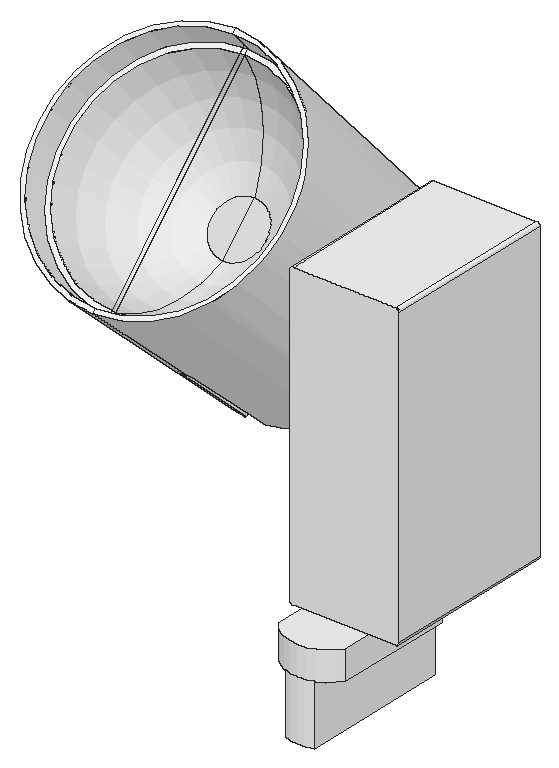
Revit family "0004822 Feilo Sylvania Lighting Fixture START TRACK SPOT L 55W 3K RA80 WB WHITE", category Lighting Fixtures, host Face, Revit 2017
Family settings
  Host = Face
  Round Connector Dimension = Use Diameter
  Part Type = Normal
  OmniClass Number = 23.80.70.00
  OmniClass Title = Lighting
  Cut with Voids When Loaded = No
  Light Source = No
  Shared = No
  Room Calculation Point = No
Parameters (values of type "0004822 START TRACK SPOT L 55W 3K RA80 WB WHITE")
  Weight = "1.398 kg"
  Wattage Comments = ""
  WarrantyStartDate [instance] = "n/a"
  WarrantyGuarantorParts = "n/a"
  WarrantyDurationUnit = "n/a"
  WarrantyDurationParts = "n/a"
  WarrantyDescription = "n/a"
  Voltage = 230 V
  URL = "http://www.sylvania-lighting.com"
  TypeName = "START TRACK SPOT L 55W 3K RA80 WB WHITE"
  TypeHead_FEILO = Start Track Spot Head : 0004822 START TRACK SPOT L 55W 3K RA80 WB WHITE
  TypeBox_FEILO = Start Track Spot Box : Type Large White
  Type Image = <None>
  Type Comments = "n/a"
  VerticalRotation_FEILO [instance] = 0.00°
  SlideEndAngle_FEILO [instance] = VerticalRotation_FEILO + 180.00°  # 180.00°
  SerialNumber [instance] = "n/a"
  Material_3_FEILO = none
  PowerFactor = 0.96
  PowerConsumption = "55 W"
  NominalLength = 0 mm
  NominalHeight = 240 mm
  NominalDepth = 164 mm
  Name = "START TRACK SPOT L 55W 3K RA80 WB WHITE"
  ModelReference = Name  # "START TRACK SPOT L 55W 3K RA80 WB WHITE"
  ModelNumber = "0004822"
  Model = Name  # "START TRACK SPOT L 55W 3K RA80 WB WHITE"
  Material = "adc12 aluminium housing, polycarbonate diffuser"
  ManufacturerName = "Feilo Sylvania"
  Manufacturer = "Feilo Sylvania"
  LuminousEfficacy = "96 lm/W"
  LuminaireType = ""
  LightOutputRatio = "100"
  LampsType = Lamp  # "LED"
  LampNominalLuminous = "5298 lm"
  LampMacAdamStep = "3"
  LampColourTemperature = "3000 K"
  LampColourRenderingIndex = "80"
  Lamp = "LED"
  Keynote = "16500"
  InstallationDate [instance] = "n/a"
  InputVoltage = "230-240V~"
  InputNominalFrequency = "50/60 Hz"
  IngressProtection = "IP20"
  ImpactProtectionIndex = "IK02"
  IfcExportType = "IfcLightFixtureType"
  IfcExportAs = "IfcLightFixtureType"
  HorizontalRotation_FEILO [instance] = 45.00°
  ExpectedLife = 50000
  ElectricShockClassification = "Class II"
  DurationUnit = "hours"
  DocumentationLiterature = "http://www.sylvania-lighting.com/product/en-int/products/0004822"
  DimmingControlOptions = "Non dimmable"
  Material_2_FEILO = none
  Description = "Integrated LED spotlight, Textured White - RAL9016, compact and minimalist design, ideal for retail applications, die-cast aluminium body, passive cooling heatsink. Beam angle: 52°, color temperature: 3000K , total system power: 55W, total fixture output: 5298 lm, LOR: 100%, colour rendering: Ra: 80 typical, LED Chromaticity: 3 step MacAdam ellipse, lifetime: >50000 hours at L70B50, energy class: A++, A+, A, IR/UV free light source without heat radiation, operating voltage: 220-240V / 50-60Hz, drive current: 1400mA, electronic driver, non-dimmable, power factor: 0.96, electrical protection: Class II, Global Track 3 Phase adapter suitable for Global trac 3-circuit tracks, ingress protection rating: IP20, suitable for internal environment only, horizontal rotation: 355°, vertical tilt: 90°, dimensions: Ø113x164x240, weight: 1.398kg."
  Default Elevation = 1219.2 mm
  CreatedOn = "12/12/2017"
  CreatedBy = ""
  Cost = 0
  built-in parameter 1114216 [instance] = (empty or 0)
  ClassificationValue = "EF_70_80"
  ClassificationName = "Uniclass2015"
  Material_1_FEILO = Body-Sylvania-StartTrackSpot-White
  BarCode [instance] = "n/a"
  AssetType = "Fixed"
  AssetIdentifier [instance] = "n/a"
  Assembly Code = "D5020200"
  Apparent Load = 55 VA
  Material_4_FEILO = none
Reference planes
  plane 1 "Center (Front/Back)": y = 0
  plane 2: z = 0
  plane 3 "Center (Left/Right)": x = 0
  plane 4: x = 15
  plane 5: x = -15
  plane 6: y = 35
  plane 7: y = -35
  plane 8: z = 13
  plane 9: z = -27
  plane 10: x = 6.5
  plane 11: x = -6.5
  plane 12: y = 27
  plane 13: y = -27
  plane 14: y = 20
Forms (mm)
  Extrusion 1, solid, material "Body-Sylvania-StartTrackSpot-White" <- "Material_1_FEILO"
    sketch origin (0, 0, 0) x (1, 0, 0) y (0, 1, 0)
      loop
        line (-15, 27) -> (-15, -27)
        arc (-15, -27) -> (0, -35) -> (15, -27) r 18.062
        line (15, -27) -> (15, 27)
        arc (15, 27) -> (0, 35) -> (-15, 27) r 18.062
    from 0 to 13
  Extrusion 2, solid, material "Body-Sylvania-StartTrackSpot-White" <- "Material_1_FEILO"
    sketch origin (0, 0, 0) x (1, 0, 0) y (0, 1, 0)
      loop
        arc (6.5, 33.79) -> (0, 35) -> (-6.5, 33.79) r 18.062
        line (-6.5, 33.79) -> (-6.5, -33.79)
        arc (-6.5, -33.79) -> (0, -35) -> (6.5, -33.79) r 18.062
        line (6.5, -33.79) -> (6.5, 33.79)
    from 0 to -27
  Revolve 3, solid, not visible
    sketch origin (1524, 20, 1219.2) x (1, 0, 0) y (0, 0, 1)
      loop
        line (-1524, -1206.2) -> (-1524, -1191.285) -> (-1530.5, -1191.285) -> (-1530.5, -1206.2) -> (-1524, -1206.2)
      axis (-1524, -1191.285) -> (-1524, -1206.2)
    angle from 0 <- "VerticalRotation_FEILO" to 180 <- "SlideEndAngle_FEILO"
Cuts and joins
  joined: Extrusion 1, Extrusion 2
Dimensions and locks
  equal spacing: plane 10, plane 3 "Center (Left/Right)", plane 11
  equal spacing: plane 4, plane 3 "Center (Left/Right)", plane 5
  locked: plane 8 to plane 2 at 13
  locked: plane 8 to plane 9 at 40
  equal spacing: plane 13, plane 1 "Center (Front/Back)", plane 12
  locked: plane 12 to plane 6 at 8
  locked: plane 14 to plane 6 at 15
  locked: Revolve 3 sketch curve to plane 8 at 14.915
  aligned and locked: plane 2 to host face
  aligned and locked: level to host face
  aligned and locked: plane 5 to Extrusion 1 sketch curve  (x2)
  aligned and locked: plane 12 to Extrusion 1 sketch curve
  aligned and locked: plane 13 to Extrusion 1 sketch curve
  aligned and locked: plane 4 to Extrusion 1 sketch curve
  aligned and locked: Extrusion 1 to plane 8
  aligned and locked: Extrusion 1 to level
  aligned and locked: Extrusion 2 sketch curve to Extrusion 1  (x2)
  aligned and locked: Extrusion 2 sketch curve to plane 11
  aligned and locked: plane 10 to Extrusion 2 sketch curve
  aligned and locked: plane 9 to Extrusion 2
  aligned and locked: level to Extrusion 2
  aligned and locked: Revolve 3 sketch curve to plane 3 "Center (Left/Right)"  (x2)
  aligned and locked: plane 11 to Revolve 3 sketch curve
  aligned and locked: Revolve 3 sketch curve to plane 8
Automatic sketch dimensions
  host sketch curve to host sketch curve = 2438.4 mm  (x2)
  Extrusion 1 sketch curve to plane 3 "Center (Left/Right)" = 0 mm  (x2)
  Extrusion 1 sketch curve to plane 13 = 10.062 mm
  plane 12 to Extrusion 1 sketch curve = 10.062 mm
  Revolve 3 sketch curve to plane 3 "Center (Left/Right)" = 0 mm
  plane 9 to Revolve 3 sketch curve = 582.6 mm
  Revolve 3 sketch curve to Revolve 3 sketch curve = 2581.144 mm
Nested families
  nested 1: "Start Track Spot Head" at (-75.5, 20, 133) x (0, 0.7071, 0.7071) z (0, 0.7071, -0.7071), type <- "TypeHead_FEILO", type "0004822 START TRACK SPOT L 55W 3K RA80 WB WHITE"
    with built-in parameter 1114216 (empty or 0)
  nested 2: "Start Track Spot Box" at (8.5, 20, 85) x (-1, 0, 0) z (0, -1, 0), BoxStartAngle_FEILO <- "HorizontalRotation_FEILO", type <- "TypeBox_FEILO", type "Type Large White"
    with BoxStartAngle_FEILO 45.00°, BoxEndAngle_FEILO -135.00°
Connectors
  electrical at (0, 0, 0), driven by "Apparent Load", driven by "PowerFactor", driven by "Voltage"
    settings: index 1, voltage 230 V, apparent load 55 VA, apparent load phase1 0 VA, apparent load phase2 0 VA, apparent load phase3 0 VA, power factor 0.96, load classification "Lighting", number of poles 1, system type 30, power factor state 1, is connector primary yes, connector utility no, sub classification motor no, connector description ""
Definition of nested family "Start Track Spot Head"
  Parameters (values of type "0004811 START TRACK SPOT S 14W 3K RA80 NB WHITE")
    Wattage Comments = "n/a"
    Wattage = 14 W
    built-in parameter 1150110 = 1 (stored number, unit not read)
    URL = "http://www.feilosylvania.com"
    Type Image = (empty or 0)
    Type Comments = "n/a"
    built-in parameter 1114217 = 1 (stored number, unit not read)
    Tilt Angle = -90.00°
    built-in parameter 1150109 = 1 (stored number, unit not read)
    built-in parameter 1150134 = (empty or 0)
    built-in parameter 1150113 = 1 (stored number, unit not read)
    Photometric Web File = "0004811.ies"
    Material_3_FEILO = none
    Model = "START TRACK SPOT S 14W 3K RA80 NB WHITE"
    Manufacturer = "Feilo Sylvania"
    built-in parameter 1150105 = 123.66 (stored number, unit not read)
    Lumens = 1554 lm
    built-in parameter 1150115 = 1 (stored number, unit not read)
    built-in parameter 1150137 = (empty or 0)
    built-in parameter 1150139 = (empty or 0)
    built-in parameter 1150112 = 1 (stored number, unit not read)
    built-in parameter 1150114 = 1 (stored number, unit not read)
    Lamp = "LED"
    Keynote = "16500"
    Material_2_FEILO = none
    built-in parameter 1150132 = (empty or 0)
    built-in parameter 1150102 = (empty or 0)
    built-in parameter 1150107 = 3000 (stored number, unit not read)
    built-in parameter 1150138 = (empty or 0)
    built-in parameter 1150106 = 1.2366 (stored number, unit not read)
    HeadThickness_FEILO = if(HeadDiaOut_FEILO > 112 mm, 2 mm, 1.5 mm)  # 1.5 mm
    HeadRibOffset_FEILO = HeadHeight_FEILO / 28  # 4.179 mm
    HeadRibDepth_FEILO = HeadHeight_FEILO / 2.1  # 55.714 mm
    HeadRibCutWidth_FEILO = HeadDiaOut_FEILO / 12  # 7.167 mm
    HeadRibCutOffset_FEILO = HeadHeight_FEILO / 2.3  # 50.87 mm
    HeadReflectorRadius_FEILO = HeadDiaOut_FEILO / 1.7  # 50.588 mm
    HeadReflectorOffset_FEILO = HeadHeight_FEILO / 2.1  # 55.714 mm
    HeadLEDRadius_FEILO = HeadDiaOut_FEILO / 9  # 9.556 mm
    HeadHeight_FEILO = 117 mm
    HeadDraft_FEILO = 1 mm
    HeadDiffusorThickness_FEILO = 3 mm
    HeadDiffusorOffset_FEILO = HeadHeight_FEILO / 12.4  # 9.435 mm
    HeadDiaOut_FEILO = 86 mm
    HeadDiaIn_FEILO = HeadDiaOut_FEILO / 1.11  # 77.477 mm
    HeadAxisFromTop_FEILO = HeadHeight_FEILO / 1.687  # 69.354 mm
    Emit from Circle Diameter = HeadDiaIn_FEILO  # 77.477 mm
    Emit Shape Visible in Rendering = no
    built-in parameter 1150104 = 10.312 (stored number, unit not read)
    Dimming Lamp Color Temperature Shift = (empty or 0)
    Description = "Integrated LED spotlight, Textured White - RAL9016, compact and minimalist design, ideal for retail applications, die-cast aluminium body, passive cooling heatsink. Beam angle: 12°, color temperature: 3000K , total system power: 14W, total fixture output: 1551 lm, LOR: 100%, colour rendering: Ra: 80 typical, LED Chromaticity: 3 step MacAdam ellipse, lifetime: >50000 hours at L70B50, energy class: A++, A+, A, IR/UV free light source without heat radiation, operating voltage: 220-240V / 50-60Hz, drive current: 350mA, electronic driver, non-dimmable, power factor: 0.92, electrical protection: Class II, Global Track 3 Phase adapter suitable for Global trac 3-circuit tracks, ingress protection rating: IP20, suitable for internal environment only, horizontal rotation: 355°, vertical tilt: 90°, dimensions: Ø86x140x200, weight: 0.940kg."
    Default Elevation = 1219.2 mm
    Cost = 0
    Color Filter = 16777215
    built-in parameter 1114216 [instance] = (empty or 0)
    Material_1_FEILO = none
    built-in parameter 1114218 = 1 (stored number, unit not read)
    built-in parameter 1150133 = 10 (stored number, unit not read)
    Assembly Code = "D5020200"
    Apparent Load = 14 VA
    Material_4_FEILO = none
  Types (96, lengths in mm): name | Wattage | built-in parameter 1150134 | Photometric Web File | Model | built-in parameter 1150105 | Lumens | built-in parameter 1150107 | built-in parameter 1150106 | HeadThickness_FEILO | HeadRibOffset_FEILO | HeadRibDepth_FEILO | HeadRibCutWidth_FEILO | HeadRibCutOffset_FEILO | HeadReflectorRadius_FEILO | HeadReflectorOffset_FEILO | HeadLEDRadius_FEILO | HeadHeight_FEILO | HeadDiffusorOffset_FEILO | HeadDiaOut_FEILO | HeadDiaIn_FEILO | HeadAxisFromTop_FEILO | Emit from Circle Diameter | built-in parameter 1150104 | Description | Apparent Load
    0004906 START TRACK SPOT L 55W 4K RA90 WB BLACK | 55 W | 12 | "0004906.ies" | "START TRACK SPOT L 55W 4K RA90 WB BLACK" | 385.15 (stored number, unit not read) | 4840 lm | 4000 (stored number, unit not read) | 3.8515 (stored number, unit not read) | 2 | 4.429 | 59.048 | 9.417 | 53.913 | 66.471 | 59.048 | 12.556 | 124 | 10 | 113 | 101.802 | 73.503 | 101.802 | 8.1755 (stored number, unit not read) | "Integrated LED spotlight, Textured Black - RAL9005, compact and minimalist design, ideal for retail applications, die-cast aluminium body, passive cooling heatsink. Beam angle: 52°, color temperature: 4000K , total system power: 55W, total fixture output: 4824 lm, LOR: 100%, colour rendering: Ra: 90 typical, LED Chromaticity: 3 step MacAdam ellipse, lifetime: >50000 hours at L70B50, energy class: A++, A+, A, IR/UV free light source without heat radiation, operating voltage: 220-240V / 50-60Hz, drive current: 1400mA, electronic driver, non-dimmable, power factor: 0.96, electrical protection: Class II, Global Track 3 Phase adapter suitable for Global trac 3-circuit tracks, ingress protection rating: IP20, suitable for internal environment only, horizontal rotation: 355°, vertical tilt: 90°, dimensions: Ø113x164x240, weight: 1.398kg." | 55 VA
    0004905 START TRACK SPOT L 55W 4K RA90 MB BLACK | 55 W | 12 | "0004905.ies" | "START TRACK SPOT L 55W 4K RA90 MB BLACK" | 389.53 (stored number, unit not read) | 4895 lm | 4000 (stored number, unit not read) | 3.8953 (stored number, unit not read) | 2 | 4.429 | 59.048 | 9.417 | 53.913 | 66.471 | 59.048 | 12.556 | 124 | 10 | 113 | 101.802 | 73.503 | 101.802 | 8.2684 (stored number, unit not read) | "Integrated LED spotlight, Textured Black - RAL9005, compact and minimalist design, ideal for retail applications, die-cast aluminium body, passive cooling heatsink. Beam angle: 38°, color temperature: 4000K , total system power: 55W, total fixture output: 4897 lm, LOR: 100%, colour rendering: Ra: 90 typical, LED Chromaticity: 3 step MacAdam ellipse, lifetime: >50000 hours at L70B50, energy class: A++, A+, A, IR/UV free light source without heat radiation, operating voltage: 220-240V / 50-60Hz, drive current: 1400mA, electronic driver, non-dimmable, power factor: 0.96, electrical protection: Class II, Global Track 3 Phase adapter suitable for Global trac 3-circuit tracks, ingress protection rating: IP20, suitable for internal environment only, horizontal rotation: 355°, vertical tilt: 90°, dimensions: Ø113x164x240, weight: 1.398kg." | 55 VA
    0004904 START TRACK SPOT L 55W 4K RA90 NB BLACK | 55 W | 12 | "0004904.ies" | "START TRACK SPOT L 55W 4K RA90 NB BLACK" | 393.91 (stored number, unit not read) | 4950 lm | 4000 (stored number, unit not read) | 3.9391 (stored number, unit not read) | 2 | 4.429 | 59.048 | 9.417 | 53.913 | 66.471 | 59.048 | 12.556 | 124 | 10 | 113 | 101.802 | 73.503 | 101.802 | 8.3613 (stored number, unit not read) | "Integrated LED spotlight, Textured Black - RAL9005, compact and minimalist design, ideal for retail applications, die-cast aluminium body, passive cooling heatsink. Beam angle: 15°, color temperature: 4000K , total system power: 55W, total fixture output: 4965 lm, LOR: 100%, colour rendering: Ra: 90 typical, LED Chromaticity: 3 step MacAdam ellipse, lifetime: >50000 hours at L70B50, energy class: A++, A+, A, IR/UV free light source without heat radiation, operating voltage: 220-240V / 50-60Hz, drive current: 1400mA, electronic driver, non-dimmable, power factor: 0.96, electrical protection: Class II, Global Track 3 Phase adapter suitable for Global trac 3-circuit tracks, ingress protection rating: IP20, suitable for internal environment only, horizontal rotation: 355°, vertical tilt: 90°, dimensions: Ø113x164x240, weight: 1.398kg." | 55 VA
    0004903 START TRACK SPOT L 35W 4K RA90 WB BLACK | 35 W | 12 | "0004903.ies" | "START TRACK SPOT L 35W 4K RA90 WB BLACK" | 284.09 (stored number, unit not read) | 3570 lm | 4000 (stored number, unit not read) | 2.8409 (stored number, unit not read) | 2 | 4.429 | 59.048 | 9.417 | 53.913 | 66.471 | 59.048 | 12.556 | 124 | 10 | 113 | 101.802 | 73.503 | 101.802 | 9.4761 (stored number, unit not read) | "Integrated LED spotlight, Textured Black - RAL9005, compact and minimalist design, ideal for retail applications, die-cast aluminium body, passive cooling heatsink. Beam angle: 52°, color temperature: 4000K , total system power: 35W, total fixture output: 3562 lm, LOR: 100%, colour rendering: Ra: 90 typical, LED Chromaticity: 3 step MacAdam ellipse, lifetime: >50000 hours at L70B50, energy class: A++, A+, A, IR/UV free light source without heat radiation, operating voltage: 220-240V / 50-60Hz, drive current: 900mA, electronic driver, non-dimmable, power factor: 0.93, electrical protection: Class II, Global Track 3 Phase adapter suitable for Global trac 3-circuit tracks, ingress protection rating: IP20, suitable for internal environment only, horizontal rotation: 355°, vertical tilt: 90°, dimensions: Ø113x164x240, weight: 1.368kg." | 35 VA
    0004902 START TRACK SPOT L 35W 4K RA90 MB BLACK | 35 W | 12 | "0004902.ies" | "START TRACK SPOT L 35W 4K RA90 MB BLACK" | 286.88 (stored number, unit not read) | 3605 lm | 4000 (stored number, unit not read) | 2.8688 (stored number, unit not read) | 2 | 4.429 | 59.048 | 9.417 | 53.913 | 66.471 | 59.048 | 12.556 | 124 | 10 | 113 | 101.802 | 73.503 | 101.802 | 9.569 (stored number, unit not read) | "Integrated LED spotlight, Textured Black - RAL9005, compact and minimalist design, ideal for retail applications, die-cast aluminium body, passive cooling heatsink. Beam angle: 38°, color temperature: 4000K , total system power: 35W, total fixture output: 3616 lm, LOR: 100%, colour rendering: Ra: 90 typical, LED Chromaticity: 3 step MacAdam ellipse, lifetime: >50000 hours at L70B50, energy class: A++, A+, A, IR/UV free light source without heat radiation, operating voltage: 220-240V / 50-60Hz, drive current: 900mA, electronic driver, non-dimmable, power factor: 0.93, electrical protection: Class II, Global Track 3 Phase adapter suitable for Global trac 3-circuit tracks, ingress protection rating: IP20, suitable for internal environment only, horizontal rotation: 355°, vertical tilt: 90°, dimensions: Ø113x164x240, weight: 1.368kg." | 35 VA
    0004901 START TRACK SPOT L 35W 4K RA90 NB BLACK | 35 W | 12 | "0004901.ies" | "START TRACK SPOT L 35W 4K RA90 NB BLACK" | 286.88 (stored number, unit not read) | 3605 lm | 4000 (stored number, unit not read) | 2.8688 (stored number, unit not read) | 2 | 4.429 | 59.048 | 9.417 | 53.913 | 66.471 | 59.048 | 12.556 | 124 | 10 | 113 | 101.802 | 73.503 | 101.802 | 9.569 (stored number, unit not read) | "Integrated LED spotlight, Textured Black - RAL9005, compact and minimalist design, ideal for retail applications, die-cast aluminium body, passive cooling heatsink. Beam angle: 15°, color temperature: 4000K , total system power: 35W, total fixture output: 3593 lm, LOR: 100%, colour rendering: Ra: 90 typical, LED Chromaticity: 3 step MacAdam ellipse, lifetime: >50000 hours at L70B50, energy class: A++, A+, A, IR/UV free light source without heat radiation, operating voltage: 220-240V / 50-60Hz, drive current: 900mA, electronic driver, non-dimmable, power factor: 0.93, electrical protection: Class II, Global Track 3 Phase adapter suitable for Global trac 3-circuit tracks, ingress protection rating: IP20, suitable for internal environment only, horizontal rotation: 355°, vertical tilt: 90°, dimensions: Ø113x164x240, weight: 1.368kg." | 35 VA
    0004900 START TRACK SPOT S 24W 4K RA90 WB BLACK | 24 W | 12 | "0004900.ies" | "START TRACK SPOT S 24W 4K RA90 WB BLACK" | 166.16 (stored number, unit not read) | 2088 lm | 4000 (stored number, unit not read) | 1.6616 (stored number, unit not read) | 1.5 | 4.179 | 55.714 | 7.167 | 50.87 | 50.588 | 55.714 | 9.556 | 117 | 9.435 | 86 | 77.477 | 69.354 | 77.477 | 8.0826 (stored number, unit not read) | "Integrated LED spotlight, Textured Black - RAL9005, compact and minimalist design, ideal for retail applications, die-cast aluminium body, passive cooling heatsink. Beam angle: 64°, color temperature: 4000K , total system power: 24W, total fixture output: 2087 lm, LOR: 100%, colour rendering: Ra: 90 typical, LED Chromaticity: 3 step MacAdam ellipse, lifetime: >50000 hours at L70B50, energy class: A++, A+, A, IR/UV free light source without heat radiation, operating voltage: 220-240V / 50-60Hz, drive current: 600mA, electronic driver, non-dimmable, power factor: 0.95, electrical protection: Class II, Global Track 3 Phase adapter suitable for Global trac 3-circuit tracks, ingress protection rating: IP20, suitable for internal environment only, horizontal rotation: 355°, vertical tilt: 90°, dimensions: Ø86x140x200, weight: 0.966kg." | 24 VA
    0004899 START TRACK SPOT S 24W 4K RA90 MB BLACK | 24 W | 12 | "0004899.ies" | "START TRACK SPOT S 24W 4K RA90 MB BLACK" | 169.98 (stored number, unit not read) | 2136 lm | 4000 (stored number, unit not read) | 1.6998 (stored number, unit not read) | 1.5 | 4.179 | 55.714 | 7.167 | 50.87 | 50.588 | 55.714 | 9.556 | 117 | 9.435 | 86 | 77.477 | 69.354 | 77.477 | 8.2684 (stored number, unit not read) | "Integrated LED spotlight, Textured Black - RAL9005, compact and minimalist design, ideal for retail applications, die-cast aluminium body, passive cooling heatsink. Beam angle: 36°, color temperature: 4000K , total system power: 24W, total fixture output: 2141 lm, LOR: 100%, colour rendering: Ra: 90 typical, LED Chromaticity: 3 step MacAdam ellipse, lifetime: >50000 hours at L70B50, energy class: A++, A+, A, IR/UV free light source without heat radiation, operating voltage: 220-240V / 50-60Hz, drive current: 600mA, electronic driver, non-dimmable, power factor: 0.95, electrical protection: Class II, Global Track 3 Phase adapter suitable for Global trac 3-circuit tracks, ingress protection rating: IP20, suitable for internal environment only, horizontal rotation: 355°, vertical tilt: 90°, dimensions: Ø86x140x200, weight: 0.966kg." | 24 VA
    0004898 START TRACK SPOT S 24W 4K RA90 NB BLACK | 24 W | 12 | "0004898.ies" | "START TRACK SPOT S 24W 4K RA90 NB BLACK" | 171.89 (stored number, unit not read) | 2160 lm | 4000 (stored number, unit not read) | 1.7189 (stored number, unit not read) | 1.5 | 4.179 | 55.714 | 7.167 | 50.87 | 50.588 | 55.714 | 9.556 | 117 | 9.435 | 86 | 77.477 | 69.354 | 77.477 | 8.3613 (stored number, unit not read) | "Integrated LED spotlight, Textured Black - RAL9005, compact and minimalist design, ideal for retail applications, die-cast aluminium body, passive cooling heatsink. Beam angle: 12°, color temperature: 4000K , total system power: 24W, total fixture output: 2155 lm, LOR: 100%, colour rendering: Ra: 90 typical, LED Chromaticity: 3 step MacAdam ellipse, lifetime: >50000 hours at L70B50, energy class: A++, A+, A, IR/UV free light source without heat radiation, operating voltage: 220-240V / 50-60Hz, drive current: 600mA, electronic driver, non-dimmable, power factor: 0.95, electrical protection: Class II, Global Track 3 Phase adapter suitable for Global trac 3-circuit tracks, ingress protection rating: IP20, suitable for internal environment only, horizontal rotation: 355°, vertical tilt: 90°, dimensions: Ø86x140x200, weight: 0.966kg." | 24 VA
    0004897 START TRACK SPOT S 14W 4K RA90 WB BLACK | 14 W | 12 | "0004897.ies" | "START TRACK SPOT S 14W 4K RA90 WB BLACK" | 108.07 (stored number, unit not read) | 1358 lm | 4000 (stored number, unit not read) | 1.0807 (stored number, unit not read) | 1.5 | 4.179 | 55.714 | 7.167 | 50.87 | 50.588 | 55.714 | 9.556 | 117 | 9.435 | 86 | 77.477 | 69.354 | 77.477 | 9.0116 (stored number, unit not read) | "Integrated LED spotlight, Textured Black - RAL9005, compact and minimalist design, ideal for retail applications, die-cast aluminium body, passive cooling heatsink. Beam angle: 64°, color temperature: 4000K , total system power: 14W, total fixture output: 1352 lm, LOR: 100%, colour rendering: Ra: 90 typical, LED Chromaticity: 3 step MacAdam ellipse, lifetime: >50000 hours at L70B50, energy class: A++, A+, A, IR/UV free light source without heat radiation, operating voltage: 220-240V / 50-60Hz, drive current: 350mA, electronic driver, non-dimmable, power factor: 0.92, electrical protection: Class II, Global Track 3 Phase adapter suitable for Global trac 3-circuit tracks, ingress protection rating: IP20, suitable for internal environment only, horizontal rotation: 355°, vertical tilt: 90°, dimensions: Ø86x140x200, weight: 0.940kg." | 14 VA
    0004896 START TRACK SPOT S 14W 4K RA90 MB BLACK | 14 W | 12 | "0004896.ies" | "START TRACK SPOT S 14W 4K RA90 MB BLACK" | 108.07 (stored number, unit not read) | 1358 lm | 4000 (stored number, unit not read) | 1.0807 (stored number, unit not read) | 1.5 | 4.179 | 55.714 | 7.167 | 50.87 | 50.588 | 55.714 | 9.556 | 117 | 9.435 | 86 | 77.477 | 69.354 | 77.477 | 9.0116 (stored number, unit not read) | "Integrated LED spotlight, Textured Black - RAL9005, compact and minimalist design, ideal for retail applications, die-cast aluminium body, passive cooling heatsink. Beam angle: 36°, color temperature: 4000K , total system power: 14W, total fixture output: 1359 lm, LOR: 100%, colour rendering: Ra: 90 typical, LED Chromaticity: 3 step MacAdam ellipse, lifetime: >50000 hours at L70B50, energy class: A++, A+, A, IR/UV free light source without heat radiation, operating voltage: 220-240V / 50-60Hz, drive current: 350mA, electronic driver, non-dimmable, power factor: 0.92, electrical protection: Class II, Global Track 3 Phase adapter suitable for Global trac 3-circuit tracks, ingress protection rating: IP20, suitable for internal environment only, horizontal rotation: 355°, vertical tilt: 90°, dimensions: Ø86x140x200, weight: 0.940kg." | 14 VA
    0004895 START TRACK SPOT S 14W 4K RA90 NB BLACK | 14 W | 12 | "0004895.ies" | "START TRACK SPOT S 14W 4K RA90 NB BLACK" | 106.95 (stored number, unit not read) | 1344 lm | 4000 (stored number, unit not read) | 1.0695 (stored number, unit not read) | 1.5 | 4.179 | 55.714 | 7.167 | 50.87 | 50.588 | 55.714 | 9.556 | 117 | 9.435 | 86 | 77.477 | 69.354 | 77.477 | 8.9187 (stored number, unit not read) | "Integrated LED spotlight, Textured Black - RAL9005, compact and minimalist design, ideal for retail applications, die-cast aluminium body, passive cooling heatsink. Beam angle: 12°, color temperature: 4000K , total system power: 14W, total fixture output: 1349 lm, LOR: 100%, colour rendering: Ra: 90 typical, LED Chromaticity: 3 step MacAdam ellipse, lifetime: >50000 hours at L70B50, energy class: A++, A+, A, IR/UV free light source without heat radiation, operating voltage: 220-240V / 50-60Hz, drive current: 350mA, electronic driver, non-dimmable, power factor: 0.92, electrical protection: Class II, Global Track 3 Phase adapter suitable for Global trac 3-circuit tracks, ingress protection rating: IP20, suitable for internal environment only, horizontal rotation: 355°, vertical tilt: 90°, dimensions: Ø86x140x200, weight: 0.940kg." | 14 VA
    0004894 START TRACK SPOT L 55W 3K RA90 WB BLACK | 55 W | (empty or 0) | "0004894.ies" | "START TRACK SPOT L 55W 3K RA90 WB BLACK" | 350.14 (stored number, unit not read) | 4400 lm | 3000 (stored number, unit not read) | 3.5014 (stored number, unit not read) | 2 | 4.429 | 59.048 | 9.417 | 53.913 | 66.471 | 59.048 | 12.556 | 124 | 10 | 113 | 101.802 | 73.503 | 101.802 | 7.4322 (stored number, unit not read) | "Integrated LED spotlight, Textured Black - RAL9005, compact and minimalist design, ideal for retail applications, die-cast aluminium body, passive cooling heatsink. Beam angle: 52°, color temperature: 3000K , total system power: 55W, total fixture output: 4405 lm, LOR: 100%, colour rendering: Ra: 90 typical, LED Chromaticity: 3 step MacAdam ellipse, lifetime: >50000 hours at L70B50, energy class: A++, A+, A, IR/UV free light source without heat radiation, operating voltage: 220-240V / 50-60Hz, drive current: 1400mA, electronic driver, non-dimmable, power factor: 0.96, electrical protection: Class II, Global Track 3 Phase adapter suitable for Global trac 3-circuit tracks, ingress protection rating: IP20, suitable for internal environment only, horizontal rotation: 355°, vertical tilt: 90°, dimensions: Ø113x164x240, weight: 1.398kg." | 55 VA
    0004893 START TRACK SPOT L 55W 3K RA90 MB BLACK | 55 W | (empty or 0) | "0004893.ies" | "START TRACK SPOT L 55W 3K RA90 MB BLACK" | 354.52 (stored number, unit not read) | 4455 lm | 3000 (stored number, unit not read) | 3.5452 (stored number, unit not read) | 2 | 4.429 | 59.048 | 9.417 | 53.913 | 66.471 | 59.048 | 12.556 | 124 | 10 | 113 | 101.802 | 73.503 | 101.802 | 7.5251 (stored number, unit not read) | "Integrated LED spotlight, Textured Black - RAL9005, compact and minimalist design, ideal for retail applications, die-cast aluminium body, passive cooling heatsink. Beam angle: 38°, color temperature: 3000K , total system power: 55W, total fixture output: 4448 lm, LOR: 100%, colour rendering: Ra: 90 typical, LED Chromaticity: 3 step MacAdam ellipse, lifetime: >50000 hours at L70B50, energy class: A++, A+, A, IR/UV free light source without heat radiation, operating voltage: 220-240V / 50-60Hz, drive current: 1400mA, electronic driver, non-dimmable, power factor: 0.96, electrical protection: Class II, Global Track 3 Phase adapter suitable for Global trac 3-circuit tracks, ingress protection rating: IP20, suitable for internal environment only, horizontal rotation: 355°, vertical tilt: 90°, dimensions: Ø113x164x240, weight: 1.398kg." | 55 VA
    0004892 START TRACK SPOT L 55W 3K RA90 NB BLACK | 55 W | (empty or 0) | "0004892.ies" | "START TRACK SPOT L 55W 3K RA90 NB BLACK" | 350.14 (stored number, unit not read) | 4400 lm | 3000 (stored number, unit not read) | 3.5014 (stored number, unit not read) | 2 | 4.429 | 59.048 | 9.417 | 53.913 | 66.471 | 59.048 | 12.556 | 124 | 10 | 113 | 101.802 | 73.503 | 101.802 | 7.4322 (stored number, unit not read) | "Integrated LED spotlight, Textured Black - RAL9005, compact and minimalist design, ideal for retail applications, die-cast aluminium body, passive cooling heatsink. Beam angle: 15°, color temperature: 3000K , total system power: 55W, total fixture output: 4416 lm, LOR: 100%, colour rendering: Ra: 90 typical, LED Chromaticity: 3 step MacAdam ellipse, lifetime: >50000 hours at L70B50, energy class: A++, A+, A, IR/UV free light source without heat radiation, operating voltage: 220-240V / 50-60Hz, drive current: 1400mA, electronic driver, non-dimmable, power factor: 0.96, electrical protection: Class II, Global Track 3 Phase adapter suitable for Global trac 3-circuit tracks, ingress protection rating: IP20, suitable for internal environment only, horizontal rotation: 355°, vertical tilt: 90°, dimensions: Ø113x164x240, weight: 1.398kg." | 55 VA
    0004891 START TRACK SPOT L 35W 3K RA90 WB BLACK | 35 W | (empty or 0) | "0004891.ies" | "START TRACK SPOT L 35W 3K RA90 WB BLACK" | 259.02 (stored number, unit not read) | 3255 lm | 3000 (stored number, unit not read) | 2.5902 (stored number, unit not read) | 2 | 4.429 | 59.048 | 9.417 | 53.913 | 66.471 | 59.048 | 12.556 | 124 | 10 | 113 | 101.802 | 73.503 | 101.802 | 8.64 (stored number, unit not read) | "Integrated LED spotlight, Textured Black - RAL9005, compact and minimalist design, ideal for retail applications, die-cast aluminium body, passive cooling heatsink. Beam angle: 52°, color temperature: 3000K , total system power: 35W, total fixture output: 3260 lm, LOR: 100%, colour rendering: Ra: 90 typical, LED Chromaticity: 3 step MacAdam ellipse, lifetime: >50000 hours at L70B50, energy class: A++, A+, A, IR/UV free light source without heat radiation, operating voltage: 220-240V / 50-60Hz, drive current: 900mA, electronic driver, non-dimmable, power factor: 0.93, electrical protection: Class II, Global Track 3 Phase adapter suitable for Global trac 3-circuit tracks, ingress protection rating: IP20, suitable for internal environment only, horizontal rotation: 355°, vertical tilt: 90°, dimensions: Ø113x164x240, weight: 1.368kg." | 35 VA
    0004890 START TRACK SPOT L 35W 3K RA90 MB BLACK | 35 W | (empty or 0) | "0004890.ies" | "START TRACK SPOT L 35W 3K RA90 MB BLACK" | 261.81 (stored number, unit not read) | 3290 lm | 3000 (stored number, unit not read) | 2.6181 (stored number, unit not read) | 2 | 4.429 | 59.048 | 9.417 | 53.913 | 66.471 | 59.048 | 12.556 | 124 | 10 | 113 | 101.802 | 73.503 | 101.802 | 8.7329 (stored number, unit not read) | "Integrated LED spotlight, Textured Black - RAL9005, compact and minimalist design, ideal for retail applications, die-cast aluminium body, passive cooling heatsink. Beam angle: 38°, color temperature: 3000K , total system power: 35W, total fixture output: 3306 lm, LOR: 100%, colour rendering: Ra: 90 typical, LED Chromaticity: 3 step MacAdam ellipse, lifetime: >50000 hours at L70B50, energy class: A++, A+, A, IR/UV free light source without heat radiation, operating voltage: 220-240V / 50-60Hz, drive current: 900mA, electronic driver, non-dimmable, power factor: 0.93, electrical protection: Class II, Global Track 3 Phase adapter suitable for Global trac 3-circuit tracks, ingress protection rating: IP20, suitable for internal environment only, horizontal rotation: 355°, vertical tilt: 90°, dimensions: Ø113x164x240, weight: 1.368kg." | 35 VA
    0004889 START TRACK SPOT L 35W 3K RA90 NB BLACK | 35 W | (empty or 0) | "0004889.ies" | "START TRACK SPOT L 35W 3K RA90 NB BLACK" | 261.81 (stored number, unit not read) | 3290 lm | 3000 (stored number, unit not read) | 2.6181 (stored number, unit not read) | 2 | 4.429 | 59.048 | 9.417 | 53.913 | 66.471 | 59.048 | 12.556 | 124 | 10 | 113 | 101.802 | 73.503 | 101.802 | 8.7329 (stored number, unit not read) | "Integrated LED spotlight, Textured Black - RAL9005, compact and minimalist design, ideal for retail applications, die-cast aluminium body, passive cooling heatsink. Beam angle: 15°, color temperature: 3000K , total system power: 35W, total fixture output: 3287 lm, LOR: 100%, colour rendering: Ra: 90 typical, LED Chromaticity: 3 step MacAdam ellipse, lifetime: >50000 hours at L70B50, energy class: A++, A+, A, IR/UV free light source without heat radiation, operating voltage: 220-240V / 50-60Hz, drive current: 900mA, electronic driver, non-dimmable, power factor: 0.93, electrical protection: Class II, Global Track 3 Phase adapter suitable for Global trac 3-circuit tracks, ingress protection rating: IP20, suitable for internal environment only, horizontal rotation: 355°, vertical tilt: 90°, dimensions: Ø113x164x240, weight: 1.368kg." | 35 VA
    0004888 START TRACK SPOT S 24W 3K RA90 WB BLACK | 24 W | (empty or 0) | "0004888.ies" | "START TRACK SPOT S 24W 3K RA90 WB BLACK" | 152.79 (stored number, unit not read) | 1920 lm | 3000 (stored number, unit not read) | 1.5279 (stored number, unit not read) | 1.5 | 4.179 | 55.714 | 7.167 | 50.87 | 50.588 | 55.714 | 9.556 | 117 | 9.435 | 86 | 77.477 | 69.354 | 77.477 | 7.4322 (stored number, unit not read) | "Integrated LED spotlight, Textured Black - RAL9005, compact and minimalist design, ideal for retail applications, die-cast aluminium body, passive cooling heatsink. Beam angle: 64°, color temperature: 3000K , total system power: 24W, total fixture output: 1928 lm, LOR: 100%, colour rendering: Ra: 90 typical, LED Chromaticity: 3 step MacAdam ellipse, lifetime: >50000 hours at L70B50, energy class: A++, A+, A, IR/UV free light source without heat radiation, operating voltage: 220-240V / 50-60Hz, drive current: 600mA, electronic driver, non-dimmable, power factor: 0.95, electrical protection: Class II, Global Track 3 Phase adapter suitable for Global trac 3-circuit tracks, ingress protection rating: IP20, suitable for internal environment only, horizontal rotation: 355°, vertical tilt: 90°, dimensions: Ø86x140x200, weight: 0.966kg." | 24 VA
    0004887 START TRACK SPOT S 24W 3K RA90 MB BLACK | 24 W | (empty or 0) | "0004887.ies" | "START TRACK SPOT S 24W 3K RA90 MB BLACK" | 154.7 (stored number, unit not read) | 1944 lm | 3000 (stored number, unit not read) | 1.547 (stored number, unit not read) | 1.5 | 4.179 | 55.714 | 7.167 | 50.87 | 50.588 | 55.714 | 9.556 | 117 | 9.435 | 86 | 77.477 | 69.354 | 77.477 | 7.5251 (stored number, unit not read) | "Integrated LED spotlight, Textured Black - RAL9005, compact and minimalist design, ideal for retail applications, die-cast aluminium body, passive cooling heatsink. Beam angle: 36°, color temperature: 3000K , total system power: 24W, total fixture output: 1944 lm, LOR: 100%, colour rendering: Ra: 90 typical, LED Chromaticity: 3 step MacAdam ellipse, lifetime: >50000 hours at L70B50, energy class: A++, A+, A, IR/UV free light source without heat radiation, operating voltage: 220-240V / 50-60Hz, drive current: 600mA, electronic driver, non-dimmable, power factor: 0.95, electrical protection: Class II, Global Track 3 Phase adapter suitable for Global trac 3-circuit tracks, ingress protection rating: IP20, suitable for internal environment only, horizontal rotation: 355°, vertical tilt: 90°, dimensions: Ø86x140x200, weight: 0.966kg." | 24 VA
    0004886 START TRACK SPOT S 24W 3K RA90 NB BLACK | 24 W | (empty or 0) | "0004886.ies" | "START TRACK SPOT S 24W 3K RA90 NB BLACK" | 158.52 (stored number, unit not read) | 1992 lm | 3000 (stored number, unit not read) | 1.5852 (stored number, unit not read) | 1.5 | 4.179 | 55.714 | 7.167 | 50.87 | 50.588 | 55.714 | 9.556 | 117 | 9.435 | 86 | 77.477 | 69.354 | 77.477 | 7.711 (stored number, unit not read) | "Integrated LED spotlight, Textured Black - RAL9005, compact and minimalist design, ideal for retail applications, die-cast aluminium body, passive cooling heatsink. Beam angle: 12°, color temperature: 3000K , total system power: 24W, total fixture output: 1987 lm, LOR: 100%, colour rendering: Ra: 90 typical, LED Chromaticity: 3 step MacAdam ellipse, lifetime: >50000 hours at L70B50, energy class: A++, A+, A, IR/UV free light source without heat radiation, operating voltage: 220-240V / 50-60Hz, drive current: 600mA, electronic driver, non-dimmable, power factor: 0.95, electrical protection: Class II, Global Track 3 Phase adapter suitable for Global trac 3-circuit tracks, ingress protection rating: IP20, suitable for internal environment only, horizontal rotation: 355°, vertical tilt: 90°, dimensions: Ø86x140x200, weight: 0.966kg." | 24 VA
    0004885 START TRACK SPOT S 14W 3K RA90 WB BLACK | 14 W | (empty or 0) | "0004885.ies" | "START TRACK SPOT S 14W 3K RA90 WB BLACK" | 100.27 (stored number, unit not read) | 1260 lm | 3000 (stored number, unit not read) | 1.0027 (stored number, unit not read) | 1.5 | 4.179 | 55.714 | 7.167 | 50.87 | 50.588 | 55.714 | 9.556 | 117 | 9.435 | 86 | 77.477 | 69.354 | 77.477 | 8.3613 (stored number, unit not read) | "Integrated LED spotlight, Textured Black - RAL9005, compact and minimalist design, ideal for retail applications, die-cast aluminium body, passive cooling heatsink. Beam angle: 64°, color temperature: 3000K , total system power: 14W, total fixture output: 1262 lm, LOR: 100%, colour rendering: Ra: 90 typical, LED Chromaticity: 3 step MacAdam ellipse, lifetime: >50000 hours at L70B50, energy class: A++, A+, A, IR/UV free light source without heat radiation, operating voltage: 220-240V / 50-60Hz, drive current: 350mA, electronic driver, non-dimmable, power factor: 0.92, electrical protection: Class II, Global Track 3 Phase adapter suitable for Global trac 3-circuit tracks, ingress protection rating: IP20, suitable for internal environment only, horizontal rotation: 355°, vertical tilt: 90°, dimensions: Ø86x140x200, weight: 0.940kg." | 14 VA
    0004884 START TRACK SPOT S 14W 3K RA90 MB BLACK | 14 W | (empty or 0) | "0004884.ies" | "START TRACK SPOT S 14W 3K RA90 MB BLACK" | 100.27 (stored number, unit not read) | 1260 lm | 3000 (stored number, unit not read) | 1.0027 (stored number, unit not read) | 1.5 | 4.179 | 55.714 | 7.167 | 50.87 | 50.588 | 55.714 | 9.556 | 117 | 9.435 | 86 | 77.477 | 69.354 | 77.477 | 8.3613 (stored number, unit not read) | "Integrated LED spotlight, Textured Black - RAL9005, compact and minimalist design, ideal for retail applications, die-cast aluminium body, passive cooling heatsink. Beam angle: 36°, color temperature: 3000K , total system power: 14W, total fixture output: 1262 lm, LOR: 100%, colour rendering: Ra: 90 typical, LED Chromaticity: 3 step MacAdam ellipse, lifetime: >50000 hours at L70B50, energy class: A++, A+, A, IR/UV free light source without heat radiation, operating voltage: 220-240V / 50-60Hz, drive current: 350mA, electronic driver, non-dimmable, power factor: 0.92, electrical protection: Class II, Global Track 3 Phase adapter suitable for Global trac 3-circuit tracks, ingress protection rating: IP20, suitable for internal environment only, horizontal rotation: 355°, vertical tilt: 90°, dimensions: Ø86x140x200, weight: 0.940kg." | 14 VA
    0004883 START TRACK SPOT S 14W 3K RA90 NB BLACK | 14 W | (empty or 0) | "0004883.ies" | "START TRACK SPOT S 14W 3K RA90 NB BLACK" | 102.5 (stored number, unit not read) | 1288 lm | 3000 (stored number, unit not read) | 1.025 (stored number, unit not read) | 1.5 | 4.179 | 55.714 | 7.167 | 50.87 | 50.588 | 55.714 | 9.556 | 117 | 9.435 | 86 | 77.477 | 69.354 | 77.477 | 8.5471 (stored number, unit not read) | "Integrated LED spotlight, Textured Black - RAL9005, compact and minimalist design, ideal for retail applications, die-cast aluminium body, passive cooling heatsink. Beam angle: 12°, color temperature: 3000K , total system power: 14W, total fixture output: 1284 lm, LOR: 100%, colour rendering: Ra: 90 typical, LED Chromaticity: 3 step MacAdam ellipse, lifetime: >50000 hours at L70B50, energy class: A++, A+, A, IR/UV free light source without heat radiation, operating voltage: 220-240V / 50-60Hz, drive current: 350mA, electronic driver, non-dimmable, power factor: 0.92, electrical protection: Class II, Global Track 3 Phase adapter suitable for Global trac 3-circuit tracks, ingress protection rating: IP20, suitable for internal environment only, horizontal rotation: 355°, vertical tilt: 90°, dimensions: Ø86x140x200, weight: 0.940kg." | 14 VA
    0004882 START TRACK SPOT L 55W 4K RA90 WB WHITE | 55 W | 12 | "0004882.ies" | "START TRACK SPOT L 55W 4K RA90 WB WHITE" | 385.15 (stored number, unit not read) | 4840 lm | 4000 (stored number, unit not read) | 3.8515 (stored number, unit not read) | 2 | 4.429 | 59.048 | 9.417 | 53.913 | 66.471 | 59.048 | 12.556 | 124 | 10 | 113 | 101.802 | 73.503 | 101.802 | 8.1755 (stored number, unit not read) | "Integrated LED spotlight, Textured White - RAL9016, compact and minimalist design, ideal for retail applications, die-cast aluminium body, passive cooling heatsink. Beam angle: 52°, color temperature: 4000K , total system power: 55W, total fixture output: 4824 lm, LOR: 100%, colour rendering: Ra: 90 typical, LED Chromaticity: 3 step MacAdam ellipse, lifetime: >50000 hours at L70B50, energy class: A++, A+, A, IR/UV free light source without heat radiation, operating voltage: 220-240V / 50-60Hz, drive current: 1400mA, electronic driver, non-dimmable, power factor: 0.96, electrical protection: Class II, Global Track 3 Phase adapter suitable for Global trac 3-circuit tracks, ingress protection rating: IP20, suitable for internal environment only, horizontal rotation: 355°, vertical tilt: 90°, dimensions: Ø113x164x240, weight: 1.398kg." | 55 VA
    0004881 START TRACK SPOT L 55W 4K RA90 MB WHITE | 55 W | 12 | "0004881.ies" | "START TRACK SPOT L 55W 4K RA90 MB WHITE" | 389.53 (stored number, unit not read) | 4895 lm | 4000 (stored number, unit not read) | 3.8953 (stored number, unit not read) | 2 | 4.429 | 59.048 | 9.417 | 53.913 | 66.471 | 59.048 | 12.556 | 124 | 10 | 113 | 101.802 | 73.503 | 101.802 | 8.2684 (stored number, unit not read) | "Integrated LED spotlight, Textured White - RAL9016, compact and minimalist design, ideal for retail applications, die-cast aluminium body, passive cooling heatsink. Beam angle: 38°, color temperature: 4000K , total system power: 55W, total fixture output: 4897 lm, LOR: 100%, colour rendering: Ra: 90 typical, LED Chromaticity: 3 step MacAdam ellipse, lifetime: >50000 hours at L70B50, energy class: A++, A+, A, IR/UV free light source without heat radiation, operating voltage: 220-240V / 50-60Hz, drive current: 1400mA, electronic driver, non-dimmable, power factor: 0.96, electrical protection: Class II, Global Track 3 Phase adapter suitable for Global trac 3-circuit tracks, ingress protection rating: IP20, suitable for internal environment only, horizontal rotation: 355°, vertical tilt: 90°, dimensions: Ø113x164x240, weight: 1.398kg." | 55 VA
    0004880 START TRACK SPOT L 55W 4K RA90 NB WHITE | 55 W | 12 | "0004880.ies" | "START TRACK SPOT L 55W 4K RA90 NB WHITE" | 393.91 (stored number, unit not read) | 4950 lm | 4000 (stored number, unit not read) | 3.9391 (stored number, unit not read) | 2 | 4.429 | 59.048 | 9.417 | 53.913 | 66.471 | 59.048 | 12.556 | 124 | 10 | 113 | 101.802 | 73.503 | 101.802 | 8.3613 (stored number, unit not read) | "Integrated LED spotlight, Textured White - RAL9016, compact and minimalist design, ideal for retail applications, die-cast aluminium body, passive cooling heatsink. Beam angle: 15°, color temperature: 4000K , total system power: 55W, total fixture output: 4965 lm, LOR: 100%, colour rendering: Ra: 90 typical, LED Chromaticity: 3 step MacAdam ellipse, lifetime: >50000 hours at L70B50, energy class: A++, A+, A, IR/UV free light source without heat radiation, operating voltage: 220-240V / 50-60Hz, drive current: 1400mA, electronic driver, non-dimmable, power factor: 0.96, electrical protection: Class II, Global Track 3 Phase adapter suitable for Global trac 3-circuit tracks, ingress protection rating: IP20, suitable for internal environment only, horizontal rotation: 355°, vertical tilt: 90°, dimensions: Ø113x164x240, weight: 1.398kg." | 55 VA
    0004879 START TRACK SPOT L 35W 4K RA90 WB WHITE | 35 W | 12 | "0004879.ies" | "START TRACK SPOT L 35W 4K RA90 WB WHITE" | 284.09 (stored number, unit not read) | 3570 lm | 4000 (stored number, unit not read) | 2.8409 (stored number, unit not read) | 2 | 4.429 | 59.048 | 9.417 | 53.913 | 66.471 | 59.048 | 12.556 | 124 | 10 | 113 | 101.802 | 73.503 | 101.802 | 9.4761 (stored number, unit not read) | "Integrated LED spotlight, Textured White - RAL9016, compact and minimalist design, ideal for retail applications, die-cast aluminium body, passive cooling heatsink. Beam angle: 52°, color temperature: 4000K , total system power: 35W, total fixture output: 3562 lm, LOR: 100%, colour rendering: Ra: 90 typical, LED Chromaticity: 3 step MacAdam ellipse, lifetime: >50000 hours at L70B50, energy class: A++, A+, A, IR/UV free light source without heat radiation, operating voltage: 220-240V / 50-60Hz, drive current: 900mA, electronic driver, non-dimmable, power factor: 0.93, electrical protection: Class II, Global Track 3 Phase adapter suitable for Global trac 3-circuit tracks, ingress protection rating: IP20, suitable for internal environment only, horizontal rotation: 355°, vertical tilt: 90°, dimensions: Ø113x164x240, weight: 1.368kg." | 35 VA
    0004878 START TRACK SPOT L 35W 4K RA90 MB WHITE | 35 W | 12 | "0004878.ies" | "START TRACK SPOT L 35W 4K RA90 MB WHITE" | 286.88 (stored number, unit not read) | 3605 lm | 4000 (stored number, unit not read) | 2.8688 (stored number, unit not read) | 2 | 4.429 | 59.048 | 9.417 | 53.913 | 66.471 | 59.048 | 12.556 | 124 | 10 | 113 | 101.802 | 73.503 | 101.802 | 9.569 (stored number, unit not read) | "Integrated LED spotlight, Textured White - RAL9016, compact and minimalist design, ideal for retail applications, die-cast aluminium body, passive cooling heatsink. Beam angle: 38°, color temperature: 4000K , total system power: 35W, total fixture output: 3616 lm, LOR: 100%, colour rendering: Ra: 90 typical, LED Chromaticity: 3 step MacAdam ellipse, lifetime: >50000 hours at L70B50, energy class: A++, A+, A, IR/UV free light source without heat radiation, operating voltage: 220-240V / 50-60Hz, drive current: 900mA, electronic driver, non-dimmable, power factor: 0.93, electrical protection: Class II, Global Track 3 Phase adapter suitable for Global trac 3-circuit tracks, ingress protection rating: IP20, suitable for internal environment only, horizontal rotation: 355°, vertical tilt: 90°, dimensions: Ø113x164x240, weight: 1.368kg." | 35 VA
    0004877 START TRACK SPOT L 35W 4K RA90 NB WHITE | 35 W | 12 | "0004877.ies" | "START TRACK SPOT L 35W 4K RA90 NB WHITE" | 286.88 (stored number, unit not read) | 3605 lm | 4000 (stored number, unit not read) | 2.8688 (stored number, unit not read) | 2 | 4.429 | 59.048 | 9.417 | 53.913 | 66.471 | 59.048 | 12.556 | 124 | 10 | 113 | 101.802 | 73.503 | 101.802 | 9.569 (stored number, unit not read) | "Integrated LED spotlight, Textured White - RAL9016, compact and minimalist design, ideal for retail applications, die-cast aluminium body, passive cooling heatsink. Beam angle: 15°, color temperature: 4000K , total system power: 35W, total fixture output: 3593 lm, LOR: 100%, colour rendering: Ra: 90 typical, LED Chromaticity: 3 step MacAdam ellipse, lifetime: >50000 hours at L70B50, energy class: A++, A+, A, IR/UV free light source without heat radiation, operating voltage: 220-240V / 50-60Hz, drive current: 900mA, electronic driver, non-dimmable, power factor: 0.93, electrical protection: Class II, Global Track 3 Phase adapter suitable for Global trac 3-circuit tracks, ingress protection rating: IP20, suitable for internal environment only, horizontal rotation: 355°, vertical tilt: 90°, dimensions: Ø113x164x240, weight: 1.368kg." | 35 VA
    0004876 START TRACK SPOT S 24W 4K RA90 WB WHITE | 24 W | 12 | "0004876.ies" | "START TRACK SPOT S 24W 4K RA90 WB WHITE" | 166.16 (stored number, unit not read) | 2088 lm | 4000 (stored number, unit not read) | 1.6616 (stored number, unit not read) | 1.5 | 4.179 | 55.714 | 7.167 | 50.87 | 50.588 | 55.714 | 9.556 | 117 | 9.435 | 86 | 77.477 | 69.354 | 77.477 | 8.0826 (stored number, unit not read) | "Integrated LED spotlight, Textured White - RAL9016, compact and minimalist design, ideal for retail applications, die-cast aluminium body, passive cooling heatsink. Beam angle: 64°, color temperature: 4000K , total system power: 24W, total fixture output: 2087 lm, LOR: 100%, colour rendering: Ra: 90 typical, LED Chromaticity: 3 step MacAdam ellipse, lifetime: >50000 hours at L70B50, energy class: A++, A+, A, IR/UV free light source without heat radiation, operating voltage: 220-240V / 50-60Hz, drive current: 600mA, electronic driver, non-dimmable, power factor: 0.95, electrical protection: Class II, Global Track 3 Phase adapter suitable for Global trac 3-circuit tracks, ingress protection rating: IP20, suitable for internal environment only, horizontal rotation: 355°, vertical tilt: 90°, dimensions: Ø86x140x200, weight: 0.966kg." | 24 VA
    0004875 START TRACK SPOT S 24W 4K RA90 MB WHITE | 24 W | 12 | "0004875.ies" | "START TRACK SPOT S 24W 4K RA90 MB WHITE" | 169.98 (stored number, unit not read) | 2136 lm | 4000 (stored number, unit not read) | 1.6998 (stored number, unit not read) | 1.5 | 4.179 | 55.714 | 7.167 | 50.87 | 50.588 | 55.714 | 9.556 | 117 | 9.435 | 86 | 77.477 | 69.354 | 77.477 | 8.2684 (stored number, unit not read) | "Integrated LED spotlight, Textured White - RAL9016, compact and minimalist design, ideal for retail applications, die-cast aluminium body, passive cooling heatsink. Beam angle: 36°, color temperature: 4000K , total system power: 24W, total fixture output: 2141 lm, LOR: 100%, colour rendering: Ra: 90 typical, LED Chromaticity: 3 step MacAdam ellipse, lifetime: >50000 hours at L70B50, energy class: A++, A+, A, IR/UV free light source without heat radiation, operating voltage: 220-240V / 50-60Hz, drive current: 600mA, electronic driver, non-dimmable, power factor: 0.95, electrical protection: Class II, Global Track 3 Phase adapter suitable for Global trac 3-circuit tracks, ingress protection rating: IP20, suitable for internal environment only, horizontal rotation: 355°, vertical tilt: 90°, dimensions: Ø86x140x200, weight: 0.966kg." | 24 VA
    0004874 START TRACK SPOT S 24W 4K RA90 NB WHITE | 24 W | 12 | "0004874.ies" | "START TRACK SPOT S 24W 4K RA90 NB WHITE" | 171.89 (stored number, unit not read) | 2160 lm | 4000 (stored number, unit not read) | 1.7189 (stored number, unit not read) | 1.5 | 4.179 | 55.714 | 7.167 | 50.87 | 50.588 | 55.714 | 9.556 | 117 | 9.435 | 86 | 77.477 | 69.354 | 77.477 | 8.3613 (stored number, unit not read) | "Integrated LED spotlight, Textured White - RAL9016, compact and minimalist design, ideal for retail applications, die-cast aluminium body, passive cooling heatsink. Beam angle: 12°, color temperature: 4000K , total system power: 24W, total fixture output: 2155 lm, LOR: 100%, colour rendering: Ra: 90 typical, LED Chromaticity: 3 step MacAdam ellipse, lifetime: >50000 hours at L70B50, energy class: A++, A+, A, IR/UV free light source without heat radiation, operating voltage: 220-240V / 50-60Hz, drive current: 600mA, electronic driver, non-dimmable, power factor: 0.95, electrical protection: Class II, Global Track 3 Phase adapter suitable for Global trac 3-circuit tracks, ingress protection rating: IP20, suitable for internal environment only, horizontal rotation: 355°, vertical tilt: 90°, dimensions: Ø86x140x200, weight: 0.966kg." | 24 VA
    0004873 START TRACK SPOT S 14W 4K RA90 WB WHITE | 14 W | 12 | "0004873.ies" | "START TRACK SPOT S 14W 4K RA90 WB WHITE" | 108.07 (stored number, unit not read) | 1358 lm | 4000 (stored number, unit not read) | 1.0807 (stored number, unit not read) | 1.5 | 4.179 | 55.714 | 7.167 | 50.87 | 50.588 | 55.714 | 9.556 | 117 | 9.435 | 86 | 77.477 | 69.354 | 77.477 | 9.0116 (stored number, unit not read) | "Integrated LED spotlight, Textured White - RAL9016, compact and minimalist design, ideal for retail applications, die-cast aluminium body, passive cooling heatsink. Beam angle: 64°, color temperature: 4000K , total system power: 14W, total fixture output: 1352 lm, LOR: 100%, colour rendering: Ra: 90 typical, LED Chromaticity: 3 step MacAdam ellipse, lifetime: >50000 hours at L70B50, energy class: A++, A+, A, IR/UV free light source without heat radiation, operating voltage: 220-240V / 50-60Hz, drive current: 350mA, electronic driver, non-dimmable, power factor: 0.92, electrical protection: Class II, Global Track 3 Phase adapter suitable for Global trac 3-circuit tracks, ingress protection rating: IP20, suitable for internal environment only, horizontal rotation: 355°, vertical tilt: 90°, dimensions: Ø86x140x200, weight: 0.940kg." | 14 VA
    0004872 START TRACK SPOT S 14W 4K RA90 MB WHITE | 14 W | 12 | "0004872.ies" | "START TRACK SPOT S 14W 4K RA90 MB WHITE" | 108.07 (stored number, unit not read) | 1358 lm | 4000 (stored number, unit not read) | 1.0807 (stored number, unit not read) | 1.5 | 4.179 | 55.714 | 7.167 | 50.87 | 50.588 | 55.714 | 9.556 | 117 | 9.435 | 86 | 77.477 | 69.354 | 77.477 | 9.0116 (stored number, unit not read) | "Integrated LED spotlight, Textured White - RAL9016, compact and minimalist design, ideal for retail applications, die-cast aluminium body, passive cooling heatsink. Beam angle: 36°, color temperature: 4000K , total system power: 14W, total fixture output: 1359 lm, LOR: 100%, colour rendering: Ra: 90 typical, LED Chromaticity: 3 step MacAdam ellipse, lifetime: >50000 hours at L70B50, energy class: A++, A+, A, IR/UV free light source without heat radiation, operating voltage: 220-240V / 50-60Hz, drive current: 350mA, electronic driver, non-dimmable, power factor: 0.92, electrical protection: Class II, Global Track 3 Phase adapter suitable for Global trac 3-circuit tracks, ingress protection rating: IP20, suitable for internal environment only, horizontal rotation: 355°, vertical tilt: 90°, dimensions: Ø86x140x200, weight: 0.940kg." | 14 VA
    0004871 START TRACK SPOT S 14W 4K RA90 NB WHITE | 14 W | 12 | "0004871.ies" | "START TRACK SPOT S 14W 4K RA90 NB WHITE" | 106.95 (stored number, unit not read) | 1344 lm | 4000 (stored number, unit not read) | 1.0695 (stored number, unit not read) | 1.5 | 4.179 | 55.714 | 7.167 | 50.87 | 50.588 | 55.714 | 9.556 | 117 | 9.435 | 86 | 77.477 | 69.354 | 77.477 | 8.9187 (stored number, unit not read) | "Integrated LED spotlight, Textured White - RAL9016, compact and minimalist design, ideal for retail applications, die-cast aluminium body, passive cooling heatsink. Beam angle: 12°, color temperature: 4000K , total system power: 14W, total fixture output: 1349 lm, LOR: 100%, colour rendering: Ra: 90 typical, LED Chromaticity: 3 step MacAdam ellipse, lifetime: >50000 hours at L70B50, energy class: A++, A+, A, IR/UV free light source without heat radiation, operating voltage: 220-240V / 50-60Hz, drive current: 350mA, electronic driver, non-dimmable, power factor: 0.92, electrical protection: Class II, Global Track 3 Phase adapter suitable for Global trac 3-circuit tracks, ingress protection rating: IP20, suitable for internal environment only, horizontal rotation: 355°, vertical tilt: 90°, dimensions: Ø86x140x200, weight: 0.940kg." | 14 VA
    0004870 START TRACK SPOT L 55W 3K RA90 WB WHITE | 55 W | (empty or 0) | "0004870.ies" | "START TRACK SPOT L 55W 3K RA90 WB WHITE" | 350.14 (stored number, unit not read) | 4400 lm | 3000 (stored number, unit not read) | 3.5014 (stored number, unit not read) | 2 | 4.429 | 59.048 | 9.417 | 53.913 | 66.471 | 59.048 | 12.556 | 124 | 10 | 113 | 101.802 | 73.503 | 101.802 | 7.4322 (stored number, unit not read) | "Integrated LED spotlight, Textured White - RAL9016, compact and minimalist design, ideal for retail applications, die-cast aluminium body, passive cooling heatsink. Beam angle: 52°, color temperature: 3000K , total system power: 55W, total fixture output: 4405 lm, LOR: 100%, colour rendering: Ra: 90 typical, LED Chromaticity: 3 step MacAdam ellipse, lifetime: >50000 hours at L70B50, energy class: A++, A+, A, IR/UV free light source without heat radiation, operating voltage: 220-240V / 50-60Hz, drive current: 1400mA, electronic driver, non-dimmable, power factor: 0.96, electrical protection: Class II, Global Track 3 Phase adapter suitable for Global trac 3-circuit tracks, ingress protection rating: IP20, suitable for internal environment only, horizontal rotation: 355°, vertical tilt: 90°, dimensions: Ø113x164x240, weight: 1.398kg." | 55 VA
    0004869 START TRACK SPOT L 55W 3K RA90 MB WHITE | 55 W | (empty or 0) | "0004869.ies" | "START TRACK SPOT L 55W 3K RA90 MB WHITE" | 354.52 (stored number, unit not read) | 4455 lm | 3000 (stored number, unit not read) | 3.5452 (stored number, unit not read) | 2 | 4.429 | 59.048 | 9.417 | 53.913 | 66.471 | 59.048 | 12.556 | 124 | 10 | 113 | 101.802 | 73.503 | 101.802 | 7.5251 (stored number, unit not read) | "Integrated LED spotlight, Textured White - RAL9016, compact and minimalist design, ideal for retail applications, die-cast aluminium body, passive cooling heatsink. Beam angle: 38°, color temperature: 3000K , total system power: 55W, total fixture output: 4448 lm, LOR: 100%, colour rendering: Ra: 90 typical, LED Chromaticity: 3 step MacAdam ellipse, lifetime: >50000 hours at L70B50, energy class: A++, A+, A, IR/UV free light source without heat radiation, operating voltage: 220-240V / 50-60Hz, drive current: 1400mA, electronic driver, non-dimmable, power factor: 0.96, electrical protection: Class II, Global Track 3 Phase adapter suitable for Global trac 3-circuit tracks, ingress protection rating: IP20, suitable for internal environment only, horizontal rotation: 355°, vertical tilt: 90°, dimensions: Ø113x164x240, weight: 1.398kg." | 55 VA
    0004868 START TRACK SPOT L 55W 3K RA90 NB WHITE | 55 W | (empty or 0) | "0004868.ies" | "START TRACK SPOT L 55W 3K RA90 NB WHITE" | 350.14 (stored number, unit not read) | 4400 lm | 3000 (stored number, unit not read) | 3.5014 (stored number, unit not read) | 2 | 4.429 | 59.048 | 9.417 | 53.913 | 66.471 | 59.048 | 12.556 | 124 | 10 | 113 | 101.802 | 73.503 | 101.802 | 7.4322 (stored number, unit not read) | "Integrated LED spotlight, Textured White - RAL9016, compact and minimalist design, ideal for retail applications, die-cast aluminium body, passive cooling heatsink. Beam angle: 15°, color temperature: 3000K , total system power: 55W, total fixture output: 4416 lm, LOR: 100%, colour rendering: Ra: 90 typical, LED Chromaticity: 3 step MacAdam ellipse, lifetime: >50000 hours at L70B50, energy class: A++, A+, A, IR/UV free light source without heat radiation, operating voltage: 220-240V / 50-60Hz, drive current: 1400mA, electronic driver, non-dimmable, power factor: 0.96, electrical protection: Class II, Global Track 3 Phase adapter suitable for Global trac 3-circuit tracks, ingress protection rating: IP20, suitable for internal environment only, horizontal rotation: 355°, vertical tilt: 90°, dimensions: Ø113x164x240, weight: 1.398kg." | 55 VA
    0004867 START TRACK SPOT L 35W 3K RA90 WB WHITE | 35 W | (empty or 0) | "0004867.ies" | "START TRACK SPOT L 35W 3K RA90 WB WHITE" | 259.02 (stored number, unit not read) | 3255 lm | 3000 (stored number, unit not read) | 2.5902 (stored number, unit not read) | 2 | 4.429 | 59.048 | 9.417 | 53.913 | 66.471 | 59.048 | 12.556 | 124 | 10 | 113 | 101.802 | 73.503 | 101.802 | 8.64 (stored number, unit not read) | "Integrated LED spotlight, Textured White - RAL9016, compact and minimalist design, ideal for retail applications, die-cast aluminium body, passive cooling heatsink. Beam angle: 52°, color temperature: 3000K , total system power: 35W, total fixture output: 3260 lm, LOR: 100%, colour rendering: Ra: 90 typical, LED Chromaticity: 3 step MacAdam ellipse, lifetime: >50000 hours at L70B50, energy class: A++, A+, A, IR/UV free light source without heat radiation, operating voltage: 220-240V / 50-60Hz, drive current: 900mA, electronic driver, non-dimmable, power factor: 0.93, electrical protection: Class II, Global Track 3 Phase adapter suitable for Global trac 3-circuit tracks, ingress protection rating: IP20, suitable for internal environment only, horizontal rotation: 355°, vertical tilt: 90°, dimensions: Ø113x164x240, weight: 1.368kg." | 35 VA
    0004866 START TRACK SPOT L 35W 3K RA90 MB WHITE | 35 W | (empty or 0) | "0004866.ies" | "START TRACK SPOT L 35W 3K RA90 MB WHITE" | 261.81 (stored number, unit not read) | 3290 lm | 3000 (stored number, unit not read) | 2.6181 (stored number, unit not read) | 2 | 4.429 | 59.048 | 9.417 | 53.913 | 66.471 | 59.048 | 12.556 | 124 | 10 | 113 | 101.802 | 73.503 | 101.802 | 8.7329 (stored number, unit not read) | "Integrated LED spotlight, Textured White - RAL9016, compact and minimalist design, ideal for retail applications, die-cast aluminium body, passive cooling heatsink. Beam angle: 38°, color temperature: 3000K , total system power: 35W, total fixture output: 3306 lm, LOR: 100%, colour rendering: Ra: 90 typical, LED Chromaticity: 3 step MacAdam ellipse, lifetime: >50000 hours at L70B50, energy class: A++, A+, A, IR/UV free light source without heat radiation, operating voltage: 220-240V / 50-60Hz, drive current: 900mA, electronic driver, non-dimmable, power factor: 0.93, electrical protection: Class II, Global Track 3 Phase adapter suitable for Global trac 3-circuit tracks, ingress protection rating: IP20, suitable for internal environment only, horizontal rotation: 355°, vertical tilt: 90°, dimensions: Ø113x164x240, weight: 1.368kg." | 35 VA
    0004865 START TRACK SPOT L 35W 3K RA90 NB WHITE | 35 W | (empty or 0) | "0004865.ies" | "START TRACK SPOT L 35W 3K RA90 NB WHITE" | 261.81 (stored number, unit not read) | 3290 lm | 3000 (stored number, unit not read) | 2.6181 (stored number, unit not read) | 2 | 4.429 | 59.048 | 9.417 | 53.913 | 66.471 | 59.048 | 12.556 | 124 | 10 | 113 | 101.802 | 73.503 | 101.802 | 8.7329 (stored number, unit not read) | "Integrated LED spotlight, Textured White - RAL9016, compact and minimalist design, ideal for retail applications, die-cast aluminium body, passive cooling heatsink. Beam angle: 15°, color temperature: 3000K , total system power: 35W, total fixture output: 3287 lm, LOR: 100%, colour rendering: Ra: 90 typical, LED Chromaticity: 3 step MacAdam ellipse, lifetime: >50000 hours at L70B50, energy class: A++, A+, A, IR/UV free light source without heat radiation, operating voltage: 220-240V / 50-60Hz, drive current: 900mA, electronic driver, non-dimmable, power factor: 0.93, electrical protection: Class II, Global Track 3 Phase adapter suitable for Global trac 3-circuit tracks, ingress protection rating: IP20, suitable for internal environment only, horizontal rotation: 355°, vertical tilt: 90°, dimensions: Ø113x164x240, weight: 1.368kg." | 35 VA
